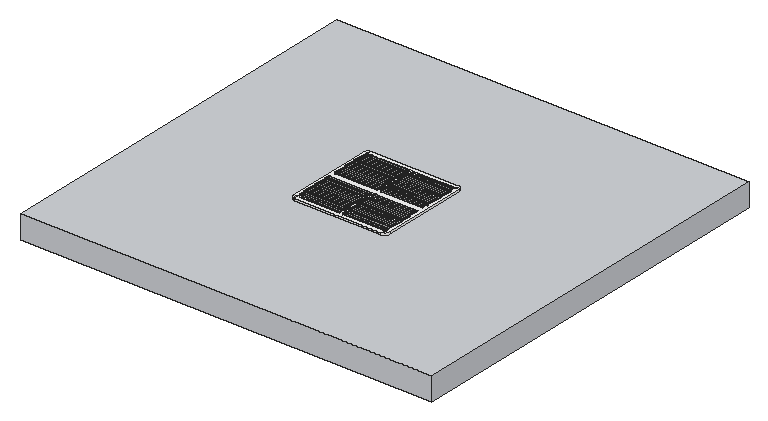
Revit family "111110010403001", category Modelos genéricos, Revit 2018
Family settings
  Anfitrión = Cara
  Puede alojar armadura = No
  Cota de conector redondo = Diámetro de uso
  Tipo de pieza = Normal
  Corte con vacíos al cargar = No
  Compartido = No
  Punto de cálculo de habitación = No
Parameters (values of type "CELOSIA CON PESTANA PP 30X30CM BLANCO")
  Ventajas = ""
  Uso = "Se utiliza como sistema de ventilación en Puertas, Shaft, Muro y Tina"
  Url Ficha tecnica = "https://empresascnp.cl/wp-content/uploads//pdf/ficha-tecnica-celosia-con-pestana-pp-30x30cm-blanco.pdf"
  Unidad = "Cajas de 50 Unidades"
  URL = "https://www.empresascnp.cl/"
  Num SKUs = "111110010403001"
  Nombre SKU = "CELOSIA CON PESTANA PP 30X30CM BLANCO"
  Model = "CELOSIA CON PESTANA"
  Material = PP Blanco
  Largo = 300.00 mm
  Espesor = 1.00 mm
  Empresa = "CNP SPA."
  Elevación por defecto = 1000.00 mm
  Dureza = ""
  Dimension = 300.00 mm
  Description = ""
  Assembly Code = ""
  Contacto = "info@empresascnp.cl"
  Color = "Blanco"
  Aplicacion = ""
Reference planes
  plane 1: z = 0
  plane 2 "level above": z = 15
  plane 3 "level below": z = -50
  plane 4 "izq": x = -176.738
  plane 5: y = 105.02
  plane 6: y = -44.98
  plane 7: y = -34.98
  plane 8: y = -54.98
  plane 9: x = -26.738
  plane 10: x = -16.738
  plane 11: x = -36.738
  plane 12: y = -194.98
  plane 13 "2": x = 123.262
  plane 14: y = 92.939
  plane 15: x = -164.656
Forms (mm)
  Extrusion 1, solid
    sketch origin (0, 0, 0) x (1, 0, 0) y (0, 1, 0)
      loop
        line (-644.525, 571.5) -> (-644.525, -666.75) -> (644.525, -666.75) -> (644.525, 571.5) -> (-644.525, 571.5)
    from 0 to -72.672
  Revolve 2, void, not visible
    sketch origin (-150.829, 0, 5) x (-1, 0, 0) y (0, 1, 0)
      loop
        line (-149.164, 92.939) -> (-149.164, 94.562) -> (-184.164, 94.562) -> (-184.164, 77.939) -> (-164.164, 77.939)
        arc (-164.164, 77.939) -> (-159.771, 88.545) -> (-149.164, 92.939) r 15
      axis (-149.164, 94.562) -> (-149.164, 77.939)
    angle from 0 to -90
  Extrusion 3, solid, not visible
    sketch origin (-176.738, 0, 5) x (0, 1, 0) y (0, 0, 1)
      loop
        line (77.939, 15) -> (77.939, 0) -> (92.939, 0)
        arc (92.939, 0) -> (88.545, 10.607) -> (77.939, 15) r 15
    from 12.574 to 190.074
  Revolve 4, void, not visible
    sketch origin (0, 0, 5) x (1, 0, 0) y (0, 1, 0)
      loop
        line (-149.164, 92.939) -> (-149.164, 94.493) -> (-184.164, 94.493) -> (-184.164, 77.939) -> (-164.164, 77.939)
        arc (-164.164, 77.939) -> (-159.771, 88.545) -> (-149.164, 92.939) r 15
      axis (-149.164, 94.493) -> (-149.164, 77.939)
    angle from 0 to -90
  Extrusion 5, solid, material "PP Blanco" <- "Material"
    sketch origin (0, 52.319, 67.456) x (1, 0, 0) y (0, 0.48481, -0.87462)
      loop
        line (-158.215, 77.313) -> (-162.46, 67.313) -> (-31.738, 67.313) -> (-31.738, 77.313) -> (-158.215, 77.313)
    from 0 to 1
  Extrusion 6, solid, material "PP Blanco" <- "Material"
    sketch origin (0, -214.971, 67.456) x (1, 0, 0) y (0, 0.48481, -0.87462)
      loop
        line (-162.839, 77.313) -> (-155.574, 67.313) -> (-31.738, 67.313) -> (-31.738, 77.313) -> (-162.839, 77.313)
    from 0 to 1
  Extrusion 7, solid, material "PP Blanco" <- "Material"
    sketch origin (0, 44.253, 67.456) x (1, 0, 0) y (0, 0.48481, -0.87462)
      loop
        line (-164.656, 77.313) -> (-164.656, 67.313) -> (-31.738, 67.313) -> (-31.738, 77.313) -> (-164.656, 77.313)
    from 0 to 1
  Extrusion 8, solid, material "PP Blanco" <- "Material"
    sketch origin (0, -206.905, 67.456) x (1, 0, 0) y (0, 0.48481, -0.87462)
      loop
        line (-164.656, 77.313) -> (-163.073, 67.313) -> (-31.738, 67.313) -> (-31.738, 77.313) -> (-164.656, 77.313)
    from 0 to 1
  Extrusion 9, solid, material "PP Blanco" <- "Material"
    sketch origin (248.223, 193.933, -15) x (1, 0, 0) y (0, 1, 0)
      loop
        arc (-409.962, -88.913) -> (-420.568, -93.306) -> (-424.962, -103.913) r 15
        line (-424.962, -103.913) -> (-424.962, -373.913)
        arc (-424.962, -373.913) -> (-420.568, -384.519) -> (-409.962, -388.913) r 15
        line (-409.962, -388.913) -> (-139.962, -388.913)
        arc (-139.962, -388.913) -> (-129.355, -384.519) -> (-124.962, -373.913) r 15
        line (-124.962, -373.913) -> (-124.962, -103.913)
        arc (-124.962, -103.913) -> (-129.355, -93.306) -> (-139.962, -88.913) r 15
        line (-139.962, -88.913) -> (-409.962, -88.913)
      loop
        circle (-414.13, -99.745) r 3
      loop
        circle (-135.793, -99.745) r 3
      loop
        circle (-414.13, -378.081) r 3
      loop
        circle (-135.793, -378.081) r 3
      loop
        arc (-397.254, -100.995) -> (-408.303, -105.571) -> (-412.88, -116.62) r 15.625
        line (-412.88, -116.62) -> (-412.88, -228.913) -> (-279.962, -228.913) -> (-279.962, -100.995) -> (-397.254, -100.995)
      loop
        arc (-137.043, -116.62) -> (-141.62, -105.571) -> (-152.669, -100.995) r 15.625
        line (-152.669, -100.995) -> (-269.962, -100.995) -> (-269.962, -228.913) -> (-137.043, -228.913) -> (-137.043, -116.62)
      loop
        arc (-152.669, -376.831) -> (-141.62, -372.254) -> (-137.043, -361.206) r 15.625
        line (-137.043, -361.206) -> (-137.043, -248.913) -> (-269.962, -248.913) -> (-269.962, -376.831) -> (-152.669, -376.831)
      loop
        arc (-412.88, -361.206) -> (-408.303, -372.254) -> (-397.254, -376.831) r 15.625
        line (-397.254, -376.831) -> (-279.962, -376.831) -> (-279.962, -248.913) -> (-412.88, -248.913) -> (-412.88, -361.206)
    from 15 to 20
  Extrusion 10, solid, material "PP Blanco" <- "Material"
    sketch origin (0, -68.488, 67.456) x (1, 0, 0) y (0, 0.48481, -0.87462)
      loop
        line (-164.656, 77.313) -> (-164.656, 67.313) -> (-31.738, 67.313) -> (-31.738, 77.313) -> (-164.656, 77.313)
    from 0 to 1
  Extrusion 11, solid, material "PP Blanco" <- "Material"
    sketch origin (0, 36.737, 67.456) x (1, 0, 0) y (0, 0.48481, -0.87462)
      loop
        line (-164.656, 77.313) -> (-164.656, 67.313) -> (-31.738, 67.313) -> (-31.738, 77.313) -> (-164.656, 77.313)
    from 0 to 1
  Extrusion 12, solid, material "PP Blanco" <- "Material"
    sketch origin (0, 29.221, 67.456) x (1, 0, 0) y (0, 0.48481, -0.87462)
      loop
        line (-164.656, 77.313) -> (-164.656, 67.313) -> (-31.738, 67.313) -> (-31.738, 77.313) -> (-164.656, 77.313)
    from 0 to 1
  Extrusion 13, solid, material "PP Blanco" <- "Material"
    sketch origin (0, 21.705, 67.456) x (1, 0, 0) y (0, 0.48481, -0.87462)
      loop
        line (-164.656, 77.313) -> (-164.656, 67.313) -> (-31.738, 67.313) -> (-31.738, 77.313) -> (-164.656, 77.313)
    from 0 to 1
  Extrusion 14, solid, material "PP Blanco" <- "Material"
    sketch origin (0, 14.189, 67.456) x (1, 0, 0) y (0, 0.48481, -0.87462)
      loop
        line (-164.656, 77.313) -> (-164.656, 67.313) -> (-31.738, 67.313) -> (-31.738, 77.313) -> (-164.656, 77.313)
    from 0 to 1
  Extrusion 15, solid, material "PP Blanco" <- "Material"
    sketch origin (0, 6.673, 67.456) x (1, 0, 0) y (0, 0.48481, -0.87462)
      loop
        line (-164.656, 77.313) -> (-164.656, 67.313) -> (-31.738, 67.313) -> (-31.738, 77.313) -> (-164.656, 77.313)
    from 0 to 1
  Extrusion 16, solid, material "PP Blanco" <- "Material"
    sketch origin (0, -0.843, 67.456) x (1, 0, 0) y (0, 0.48481, -0.87462)
      loop
        line (-164.656, 77.313) -> (-164.656, 67.313) -> (-31.738, 67.313) -> (-31.738, 77.313) -> (-164.656, 77.313)
    from 0 to 1
  Extrusion 17, solid, material "PP Blanco" <- "Material"
    sketch origin (0, -8.36, 67.456) x (1, 0, 0) y (0, 0.48481, -0.87462)
      loop
        line (-164.656, 77.313) -> (-164.656, 67.313) -> (-31.738, 67.313) -> (-31.738, 77.313) -> (-164.656, 77.313)
    from 0 to 1
  Extrusion 18, solid, material "PP Blanco" <- "Material"
    sketch origin (0, -15.876, 67.456) x (1, 0, 0) y (0, 0.48481, -0.87462)
      loop
        line (-164.656, 77.313) -> (-164.656, 67.313) -> (-31.738, 67.313) -> (-31.738, 77.313) -> (-164.656, 77.313)
    from 0 to 1
  Extrusion 19, solid, material "PP Blanco" <- "Material"
    sketch origin (0, -23.392, 67.456) x (1, 0, 0) y (0, 0.48481, -0.87462)
      loop
        line (-164.656, 77.313) -> (-164.656, 67.313) -> (-31.738, 67.313) -> (-31.738, 77.313) -> (-164.656, 77.313)
    from 0 to 1
  Extrusion 20, solid, material "PP Blanco" <- "Material"
    sketch origin (0, -30.908, 67.456) x (1, 0, 0) y (0, 0.48481, -0.87462)
      loop
        line (-164.656, 77.313) -> (-164.656, 67.313) -> (-31.738, 67.313) -> (-31.738, 77.313) -> (-164.656, 77.313)
    from 0 to 1
  Extrusion 21, solid, material "PP Blanco" <- "Material"
    sketch origin (0, -38.424, 67.456) x (1, 0, 0) y (0, 0.48481, -0.87462)
      loop
        line (-164.656, 77.313) -> (-164.656, 67.313) -> (-31.738, 67.313) -> (-31.738, 77.313) -> (-164.656, 77.313)
    from 0 to 1
  Extrusion 22, solid, material "PP Blanco" <- "Material"
    sketch origin (0, -45.94, 67.456) x (1, 0, 0) y (0, 0.48481, -0.87462)
      loop
        line (-164.656, 77.313) -> (-164.656, 67.313) -> (-31.738, 67.313) -> (-31.738, 77.313) -> (-164.656, 77.313)
    from 0 to 1
  Extrusion 23, solid, material "PP Blanco" <- "Material"
    sketch origin (0, -53.456, 67.456) x (1, 0, 0) y (0, 0.48481, -0.87462)
      loop
        line (-164.656, 77.313) -> (-164.656, 67.313) -> (-31.738, 67.313) -> (-31.738, 77.313) -> (-164.656, 77.313)
    from 0 to 1
  Extrusion 24, solid, material "PP Blanco" <- "Material"
    sketch origin (0, -60.972, 67.456) x (1, 0, 0) y (0, 0.48481, -0.87462)
      loop
        line (-164.656, 77.313) -> (-164.656, 67.313) -> (-31.738, 67.313) -> (-31.738, 77.313) -> (-164.656, 77.313)
    from 0 to 1
  Extrusion 25, solid, material "PP Blanco" <- "Material"
    sketch origin (0, -93.336, 67.456) x (1, 0, 0) y (0, 0.48481, -0.87462)
      loop
        line (-164.656, 77.313) -> (-164.656, 67.313) -> (-31.738, 67.313) -> (-31.738, 77.313) -> (-164.656, 77.313)
    from 0 to 1
  Extrusion 26, solid, material "PP Blanco" <- "Material"
    sketch origin (0, -100.852, 67.456) x (1, 0, 0) y (0, 0.48481, -0.87462)
      loop
        line (-164.656, 77.313) -> (-164.656, 67.313) -> (-31.738, 67.313) -> (-31.738, 77.313) -> (-164.656, 77.313)
    from 0 to 1
  Extrusion 27, solid, material "PP Blanco" <- "Material"
    sketch origin (0, -108.369, 67.456) x (1, 0, 0) y (0, 0.48481, -0.87462)
      loop
        line (-164.656, 77.313) -> (-164.656, 67.313) -> (-31.738, 67.313) -> (-31.738, 77.313) -> (-164.656, 77.313)
    from 0 to 1
  Extrusion 28, solid, material "PP Blanco" <- "Material"
    sketch origin (0, -115.885, 67.456) x (1, 0, 0) y (0, 0.48481, -0.87462)
      loop
        line (-164.656, 77.313) -> (-164.656, 67.313) -> (-31.738, 67.313) -> (-31.738, 77.313) -> (-164.656, 77.313)
    from 0 to 1
  Extrusion 29, solid, material "PP Blanco" <- "Material"
    sketch origin (0, -123.401, 67.456) x (1, 0, 0) y (0, 0.48481, -0.87462)
      loop
        line (-164.656, 77.313) -> (-164.656, 67.313) -> (-31.738, 67.313) -> (-31.738, 77.313) -> (-164.656, 77.313)
    from 0 to 1
  Extrusion 30, solid, material "PP Blanco" <- "Material"
    sketch origin (0, -130.917, 67.456) x (1, 0, 0) y (0, 0.48481, -0.87462)
      loop
        line (-164.656, 77.313) -> (-164.656, 67.313) -> (-31.738, 67.313) -> (-31.738, 77.313) -> (-164.656, 77.313)
    from 0 to 1
  Extrusion 31, solid, material "PP Blanco" <- "Material"
    sketch origin (0, -138.433, 67.456) x (1, 0, 0) y (0, 0.48481, -0.87462)
      loop
        line (-164.656, 77.313) -> (-164.656, 67.313) -> (-31.738, 67.313) -> (-31.738, 77.313) -> (-164.656, 77.313)
    from 0 to 1
  Extrusion 32, solid, material "PP Blanco" <- "Material"
    sketch origin (0, -145.949, 67.456) x (1, 0, 0) y (0, 0.48481, -0.87462)
      loop
        line (-164.656, 77.313) -> (-164.656, 67.313) -> (-31.738, 67.313) -> (-31.738, 77.313) -> (-164.656, 77.313)
    from 0 to 1
  Extrusion 33, solid, material "PP Blanco" <- "Material"
    sketch origin (0, -153.465, 67.456) x (1, 0, 0) y (0, 0.48481, -0.87462)
      loop
        line (-164.656, 77.313) -> (-164.656, 67.313) -> (-31.738, 67.313) -> (-31.738, 77.313) -> (-164.656, 77.313)
    from 0 to 1
  Extrusion 34, solid, material "PP Blanco" <- "Material"
    sketch origin (0, -160.981, 67.456) x (1, 0, 0) y (0, 0.48481, -0.87462)
      loop
        line (-164.656, 77.313) -> (-164.656, 67.313) -> (-31.738, 67.313) -> (-31.738, 77.313) -> (-164.656, 77.313)
    from 0 to 1
  Extrusion 35, solid, material "PP Blanco" <- "Material"
    sketch origin (0, -168.497, 67.456) x (1, 0, 0) y (0, 0.48481, -0.87462)
      loop
        line (-164.656, 77.313) -> (-164.656, 67.313) -> (-31.738, 67.313) -> (-31.738, 77.313) -> (-164.656, 77.313)
    from 0 to 1
  Extrusion 36, solid, material "PP Blanco" <- "Material"
    sketch origin (0, -176.013, 67.456) x (1, 0, 0) y (0, 0.48481, -0.87462)
      loop
        line (-164.656, 77.313) -> (-164.656, 67.313) -> (-31.738, 67.313) -> (-31.738, 77.313) -> (-164.656, 77.313)
    from 0 to 1
  Extrusion 37, solid, material "PP Blanco" <- "Material"
    sketch origin (0, -183.529, 67.456) x (1, 0, 0) y (0, 0.48481, -0.87462)
      loop
        line (-164.656, 77.313) -> (-164.656, 67.313) -> (-31.738, 67.313) -> (-31.738, 77.313) -> (-164.656, 77.313)
    from 0 to 1
  Extrusion 38, solid, material "PP Blanco" <- "Material"
    sketch origin (0, -191.046, 67.456) x (1, 0, 0) y (0, 0.48481, -0.87462)
      loop
        line (-164.656, 77.313) -> (-164.656, 67.313) -> (-31.738, 67.313) -> (-31.738, 77.313) -> (-164.656, 77.313)
    from 0 to 1
  Extrusion 39, solid, material "PP Blanco" <- "Material"
    sketch origin (0, -198.562, 67.456) x (1, 0, 0) y (0, 0.48481, -0.87462)
      loop
        line (-164.656, 77.313) -> (-164.656, 67.313) -> (-31.738, 67.313) -> (-31.738, 77.313) -> (-164.656, 77.313)
    from 0 to 1
  Extrusion 40, solid, material "PP Blanco" <- "Material"
    sketch origin (-53.477, 52.319, 67.456) x (-1, 0, 0) y (0, -0.48481, 0.87462)
      loop
        line (-158.215, -77.313) -> (-31.738, -77.313) -> (-31.738, -67.313) -> (-162.46, -67.313) -> (-158.215, -77.313)
    from 0 to 1
  Extrusion 41, solid, material "PP Blanco" <- "Material"
    sketch origin (-53.477, -214.971, 67.456) x (-1, 0, 0) y (0, -0.48481, 0.87462)
      loop
        line (-162.839, -77.313) -> (-31.738, -77.313) -> (-31.738, -67.313) -> (-155.574, -67.313) -> (-162.839, -77.313)
    from 0 to 1
  Extrusion 42, solid, material "PP Blanco" <- "Material"
    sketch origin (-53.477, 44.253, 67.456) x (-1, 0, 0) y (0, -0.48481, 0.87462)
      loop
        line (-164.656, -77.313) -> (-31.738, -77.313) -> (-31.738, -67.313) -> (-164.656, -67.313) -> (-164.656, -77.313)
    from 0 to 1
  Extrusion 43, solid, material "PP Blanco" <- "Material"
    sketch origin (-53.477, -206.905, 67.456) x (-1, 0, 0) y (0, -0.48481, 0.87462)
      loop
        line (-164.656, -77.313) -> (-31.738, -77.313) -> (-31.738, -67.313) -> (-163.073, -67.313) -> (-164.656, -77.313)
    from 0 to 1
  Extrusion 44, solid, material "PP Blanco" <- "Material"
    sketch origin (-53.477, -68.488, 67.456) x (-1, 0, 0) y (0, -0.48481, 0.87462)
      loop
        line (-164.656, -77.313) -> (-31.738, -77.313) -> (-31.738, -67.313) -> (-164.656, -67.313) -> (-164.656, -77.313)
    from 0 to 1
  Extrusion 45, solid, material "PP Blanco" <- "Material"
    sketch origin (-53.477, 36.737, 67.456) x (-1, 0, 0) y (0, -0.48481, 0.87462)
      loop
        line (-164.656, -77.313) -> (-31.738, -77.313) -> (-31.738, -67.313) -> (-164.656, -67.313) -> (-164.656, -77.313)
    from 0 to 1
  Extrusion 46, solid, material "PP Blanco" <- "Material"
    sketch origin (-53.477, 29.221, 67.456) x (-1, 0, 0) y (0, -0.48481, 0.87462)
      loop
        line (-164.656, -77.313) -> (-31.738, -77.313) -> (-31.738, -67.313) -> (-164.656, -67.313) -> (-164.656, -77.313)
    from 0 to 1
  Extrusion 47, solid, material "PP Blanco" <- "Material"
    sketch origin (-53.477, 21.705, 67.456) x (-1, 0, 0) y (0, -0.48481, 0.87462)
      loop
        line (-164.656, -77.313) -> (-31.738, -77.313) -> (-31.738, -67.313) -> (-164.656, -67.313) -> (-164.656, -77.313)
    from 0 to 1
  Extrusion 48, solid, material "PP Blanco" <- "Material"
    sketch origin (-53.477, 14.189, 67.456) x (-1, 0, 0) y (0, -0.48481, 0.87462)
      loop
        line (-164.656, -77.313) -> (-31.738, -77.313) -> (-31.738, -67.313) -> (-164.656, -67.313) -> (-164.656, -77.313)
    from 0 to 1
  Extrusion 49, solid, material "PP Blanco" <- "Material"
    sketch origin (-53.477, 6.673, 67.456) x (-1, 0, 0) y (0, -0.48481, 0.87462)
      loop
        line (-164.656, -77.313) -> (-31.738, -77.313) -> (-31.738, -67.313) -> (-164.656, -67.313) -> (-164.656, -77.313)
    from 0 to 1
  Extrusion 50, solid, material "PP Blanco" <- "Material"
    sketch origin (-53.477, -0.843, 67.456) x (-1, 0, 0) y (0, -0.48481, 0.87462)
      loop
        line (-164.656, -77.313) -> (-31.738, -77.313) -> (-31.738, -67.313) -> (-164.656, -67.313) -> (-164.656, -77.313)
    from 0 to 1
  Extrusion 51, solid, material "PP Blanco" <- "Material"
    sketch origin (-53.477, -8.36, 67.456) x (-1, 0, 0) y (0, -0.48481, 0.87462)
      loop
        line (-164.656, -77.313) -> (-31.738, -77.313) -> (-31.738, -67.313) -> (-164.656, -67.313) -> (-164.656, -77.313)
    from 0 to 1
  Extrusion 52, solid, material "PP Blanco" <- "Material"
    sketch origin (-53.477, -15.876, 67.456) x (-1, 0, 0) y (0, -0.48481, 0.87462)
      loop
        line (-164.656, -77.313) -> (-31.738, -77.313) -> (-31.738, -67.313) -> (-164.656, -67.313) -> (-164.656, -77.313)
    from 0 to 1
  Extrusion 53, solid, material "PP Blanco" <- "Material"
    sketch origin (-53.477, -23.392, 67.456) x (-1, 0, 0) y (0, -0.48481, 0.87462)
      loop
        line (-164.656, -77.313) -> (-31.738, -77.313) -> (-31.738, -67.313) -> (-164.656, -67.313) -> (-164.656, -77.313)
    from 0 to 1
  Extrusion 54, solid, material "PP Blanco" <- "Material"
    sketch origin (-53.477, -30.908, 67.456) x (-1, 0, 0) y (0, -0.48481, 0.87462)
      loop
        line (-164.656, -77.313) -> (-31.738, -77.313) -> (-31.738, -67.313) -> (-164.656, -67.313) -> (-164.656, -77.313)
    from 0 to 1
  Extrusion 55, solid, material "PP Blanco" <- "Material"
    sketch origin (-53.477, -38.424, 67.456) x (-1, 0, 0) y (0, -0.48481, 0.87462)
      loop
        line (-164.656, -77.313) -> (-31.738, -77.313) -> (-31.738, -67.313) -> (-164.656, -67.313) -> (-164.656, -77.313)
    from 0 to 1
  Extrusion 56, solid, material "PP Blanco" <- "Material"
    sketch origin (-53.477, -45.94, 67.456) x (-1, 0, 0) y (0, -0.48481, 0.87462)
      loop
        line (-164.656, -77.313) -> (-31.738, -77.313) -> (-31.738, -67.313) -> (-164.656, -67.313) -> (-164.656, -77.313)
    from 0 to 1
  Extrusion 57, solid, material "PP Blanco" <- "Material"
    sketch origin (-53.477, -53.456, 67.456) x (-1, 0, 0) y (0, -0.48481, 0.87462)
      loop
        line (-164.656, -77.313) -> (-31.738, -77.313) -> (-31.738, -67.313) -> (-164.656, -67.313) -> (-164.656, -77.313)
    from 0 to 1
  Extrusion 58, solid, material "PP Blanco" <- "Material"
    sketch origin (-53.477, -60.972, 67.456) x (-1, 0, 0) y (0, -0.48481, 0.87462)
      loop
        line (-164.656, -77.313) -> (-31.738, -77.313) -> (-31.738, -67.313) -> (-164.656, -67.313) -> (-164.656, -77.313)
    from 0 to 1
  Extrusion 59, solid, material "PP Blanco" <- "Material"
    sketch origin (-53.477, -93.336, 67.456) x (-1, 0, 0) y (0, -0.48481, 0.87462)
      loop
        line (-164.656, -77.313) -> (-31.738, -77.313) -> (-31.738, -67.313) -> (-164.656, -67.313) -> (-164.656, -77.313)
    from 0 to 1
  Extrusion 60, solid, material "PP Blanco" <- "Material"
    sketch origin (-53.477, -100.852, 67.456) x (-1, 0, 0) y (0, -0.48481, 0.87462)
      loop
        line (-164.656, -77.313) -> (-31.738, -77.313) -> (-31.738, -67.313) -> (-164.656, -67.313) -> (-164.656, -77.313)
    from 0 to 1
  Extrusion 61, solid, material "PP Blanco" <- "Material"
    sketch origin (-53.477, -108.369, 67.456) x (-1, 0, 0) y (0, -0.48481, 0.87462)
      loop
        line (-164.656, -77.313) -> (-31.738, -77.313) -> (-31.738, -67.313) -> (-164.656, -67.313) -> (-164.656, -77.313)
    from 0 to 1
  Extrusion 62, solid, material "PP Blanco" <- "Material"
    sketch origin (-53.477, -115.885, 67.456) x (-1, 0, 0) y (0, -0.48481, 0.87462)
      loop
        line (-164.656, -77.313) -> (-31.738, -77.313) -> (-31.738, -67.313) -> (-164.656, -67.313) -> (-164.656, -77.313)
    from 0 to 1
  Extrusion 63, solid, material "PP Blanco" <- "Material"
    sketch origin (-53.477, -123.401, 67.456) x (-1, 0, 0) y (0, -0.48481, 0.87462)
      loop
        line (-164.656, -77.313) -> (-31.738, -77.313) -> (-31.738, -67.313) -> (-164.656, -67.313) -> (-164.656, -77.313)
    from 0 to 1
  Extrusion 64, solid, material "PP Blanco" <- "Material"
    sketch origin (-53.477, -130.917, 67.456) x (-1, 0, 0) y (0, -0.48481, 0.87462)
      loop
        line (-164.656, -77.313) -> (-31.738, -77.313) -> (-31.738, -67.313) -> (-164.656, -67.313) -> (-164.656, -77.313)
    from 0 to 1
  Extrusion 65, solid, material "PP Blanco" <- "Material"
    sketch origin (-53.477, -138.433, 67.456) x (-1, 0, 0) y (0, -0.48481, 0.87462)
      loop
        line (-164.656, -77.313) -> (-31.738, -77.313) -> (-31.738, -67.313) -> (-164.656, -67.313) -> (-164.656, -77.313)
    from 0 to 1
  Extrusion 66, solid, material "PP Blanco" <- "Material"
    sketch origin (-53.477, -145.949, 67.456) x (-1, 0, 0) y (0, -0.48481, 0.87462)
      loop
        line (-164.656, -77.313) -> (-31.738, -77.313) -> (-31.738, -67.313) -> (-164.656, -67.313) -> (-164.656, -77.313)
    from 0 to 1
  Extrusion 67, solid, material "PP Blanco" <- "Material"
    sketch origin (-53.477, -153.465, 67.456) x (-1, 0, 0) y (0, -0.48481, 0.87462)
      loop
        line (-164.656, -77.313) -> (-31.738, -77.313) -> (-31.738, -67.313) -> (-164.656, -67.313) -> (-164.656, -77.313)
    from 0 to 1
  Extrusion 68, solid, material "PP Blanco" <- "Material"
    sketch origin (-53.477, -160.981, 67.456) x (-1, 0, 0) y (0, -0.48481, 0.87462)
      loop
        line (-164.656, -77.313) -> (-31.738, -77.313) -> (-31.738, -67.313) -> (-164.656, -67.313) -> (-164.656, -77.313)
    from 0 to 1
  Extrusion 69, solid, material "PP Blanco" <- "Material"
    sketch origin (-53.477, -168.497, 67.456) x (-1, 0, 0) y (0, -0.48481, 0.87462)
      loop
        line (-164.656, -77.313) -> (-31.738, -77.313) -> (-31.738, -67.313) -> (-164.656, -67.313) -> (-164.656, -77.313)
    from 0 to 1
  Extrusion 70, solid, material "PP Blanco" <- "Material"
    sketch origin (-53.477, -176.013, 67.456) x (-1, 0, 0) y (0, -0.48481, 0.87462)
      loop
        line (-164.656, -77.313) -> (-31.738, -77.313) -> (-31.738, -67.313) -> (-164.656, -67.313) -> (-164.656, -77.313)
    from 0 to 1
  Extrusion 71, solid, material "PP Blanco" <- "Material"
    sketch origin (-53.477, -183.529, 67.456) x (-1, 0, 0) y (0, -0.48481, 0.87462)
      loop
        line (-164.656, -77.313) -> (-31.738, -77.313) -> (-31.738, -67.313) -> (-164.656, -67.313) -> (-164.656, -77.313)
    from 0 to 1
  Extrusion 72, solid, material "PP Blanco" <- "Material"
    sketch origin (-53.477, -191.046, 67.456) x (-1, 0, 0) y (0, -0.48481, 0.87462)
      loop
        line (-164.656, -77.313) -> (-31.738, -77.313) -> (-31.738, -67.313) -> (-164.656, -67.313) -> (-164.656, -77.313)
    from 0 to 1
  Extrusion 73, solid, material "PP Blanco" <- "Material"
    sketch origin (-53.477, -198.562, 67.456) x (-1, 0, 0) y (0, -0.48481, 0.87462)
      loop
        line (-164.656, -77.313) -> (-31.738, -77.313) -> (-31.738, -67.313) -> (-164.656, -67.313) -> (-164.656, -77.313)
    from 0 to 1
Lines and regions (mm)
  model lines, not visible
    curve 1: line (-164.164, 92.939, 0) -> (13.336, 92.939, 0)
    curve 2: line (13.336, 92.939, 0) -> (13.336, 77.939, 0)
    curve 3: line (13.336, 77.939, 0) -> (-164.164, 77.939, 0)
    curve 4: line (-164.164, 77.939, 0) -> (-164.164, 92.939, 0)
Dimensions and locks
  locked: plane 2 "level above" to level at 15
  locked: level to plane 3 "level below" at 50
  equal spacing: plane 12, plane 6, plane 5
  equal spacing: plane 7, plane 6, plane 8, locked at 10 each
  equal spacing: plane 4 "izq", plane 9, plane 13 "2"
  plane 11 to plane 9 to plane 10 = 10.00 mm locked, 10.00 mm locked
  aligned and locked: plane 1 to Extrusion 1
  aligned and locked: level to Extrusion 1
Automatic sketch dimensions
  Extrusion 1 sketch curve to Extrusion 1 sketch curve = 1289.05 mm
  Extrusion 1 sketch curve to Extrusion 1 sketch curve = 1238.25 mm
  plane 15 to Extrusion 5 sketch curve = 2.197 mm
  plane 15 to Extrusion 5 sketch curve = 6.441 mm
  plane 9 to Extrusion 5 sketch curve = 5.00 mm
  Extrusion 5 sketch curve to Extrusion 5 sketch curve = 10.00 mm
  plane 15 to Extrusion 6 sketch curve = 1.817 mm
  plane 15 to Extrusion 6 sketch curve = 9.083 mm
  plane 9 to Extrusion 6 sketch curve = 5.00 mm
  Extrusion 6 sketch curve to Extrusion 6 sketch curve = 10.00 mm
  Extrusion 7 sketch curve to plane 15 = 0.00 mm
  plane 9 to Extrusion 7 sketch curve = 5.00 mm
  Extrusion 7 sketch curve to Extrusion 7 sketch curve = 10.00 mm
  Extrusion 8 sketch curve to plane 15 = 0.00 mm
  plane 15 to Extrusion 8 sketch curve = 1.584 mm
  plane 9 to Extrusion 8 sketch curve = 5.00 mm
  Extrusion 8 sketch curve to Extrusion 8 sketch curve = 10.00 mm
  Extrusion 9 sketch curve to plane 4 "izq" = 0.00 mm
  plane 7 to Extrusion 9 sketch curve = 0.00 mm  (x2)
  Extrusion 9 sketch curve to plane 15 = 0.00 mm  (x2)
  Extrusion 9 sketch curve to plane 8 = 0.00 mm  (x2)
  plane 12 to Extrusion 9 sketch curve = 0.00 mm
  plane 5 to Extrusion 9 sketch curve = 0.00 mm
  plane 14 to Extrusion 9 sketch curve = 0.00 mm  (x2)
  Extrusion 9 sketch curve to plane 13 "2" = 0.00 mm
  Extrusion 9 sketch curve to plane 15 = 1.25 mm  (x2)
  plane 15 to Extrusion 9 sketch curve = 2.918 mm
  plane 14 to Extrusion 9 sketch curve = 2.918 mm
  Extrusion 9 sketch curve to Extrusion 9 sketch curve = 15.625 mm  (x2)
  plane 9 to Extrusion 9 sketch curve = 5.00 mm  (x2)
  Extrusion 9 sketch curve to plane 9 = 5.00 mm  (x2)
  Extrusion 9 sketch curve to plane 13 "2" = 27.707 mm  (x2)
  Extrusion 9 sketch curve to plane 13 "2" = 15.00 mm  (x2)
  Extrusion 9 sketch curve to plane 13 "2" = 12.082 mm  (x2)
  Extrusion 9 sketch curve to plane 14 = 1.25 mm  (x2)
  Extrusion 9 sketch curve to Extrusion 9 sketch curve = 4.168 mm  (x4)
  Extrusion 9 sketch curve to plane 12 = 12.082 mm
  Extrusion 9 sketch curve to Extrusion 9 sketch curve = 0.00 mm
  Extrusion 10 sketch curve to plane 15 = 0.00 mm
  plane 9 to Extrusion 10 sketch curve = 5.00 mm
  Extrusion 10 sketch curve to Extrusion 10 sketch curve = 10.00 mm
  Extrusion 11 sketch curve to plane 15 = 0.00 mm
  plane 9 to Extrusion 11 sketch curve = 5.00 mm
  Extrusion 11 sketch curve to Extrusion 11 sketch curve = 10.00 mm
  Extrusion 12 sketch curve to plane 15 = 0.00 mm
  plane 9 to Extrusion 12 sketch curve = 5.00 mm
  Extrusion 12 sketch curve to Extrusion 12 sketch curve = 10.00 mm
  Extrusion 13 sketch curve to plane 15 = 0.00 mm
  plane 9 to Extrusion 13 sketch curve = 5.00 mm
  Extrusion 13 sketch curve to Extrusion 13 sketch curve = 10.00 mm
  Extrusion 14 sketch curve to plane 15 = 0.00 mm
  plane 9 to Extrusion 14 sketch curve = 5.00 mm
  Extrusion 14 sketch curve to Extrusion 14 sketch curve = 10.00 mm
  Extrusion 15 sketch curve to plane 15 = 0.00 mm
  plane 9 to Extrusion 15 sketch curve = 5.00 mm
  Extrusion 15 sketch curve to Extrusion 15 sketch curve = 10.00 mm
  Extrusion 16 sketch curve to plane 15 = 0.00 mm
  plane 9 to Extrusion 16 sketch curve = 5.00 mm
  Extrusion 16 sketch curve to Extrusion 16 sketch curve = 10.00 mm
  Extrusion 17 sketch curve to plane 15 = 0.00 mm
  plane 9 to Extrusion 17 sketch curve = 5.00 mm
  Extrusion 17 sketch curve to Extrusion 17 sketch curve = 10.00 mm
  Extrusion 18 sketch curve to plane 15 = 0.00 mm
  plane 9 to Extrusion 18 sketch curve = 5.00 mm
  Extrusion 18 sketch curve to Extrusion 18 sketch curve = 10.00 mm
  Extrusion 19 sketch curve to plane 15 = 0.00 mm
  plane 9 to Extrusion 19 sketch curve = 5.00 mm
  Extrusion 19 sketch curve to Extrusion 19 sketch curve = 10.00 mm
  Extrusion 20 sketch curve to plane 15 = 0.00 mm
  plane 9 to Extrusion 20 sketch curve = 5.00 mm
  Extrusion 20 sketch curve to Extrusion 20 sketch curve = 10.00 mm
  Extrusion 21 sketch curve to plane 15 = 0.00 mm
  plane 9 to Extrusion 21 sketch curve = 5.00 mm
  Extrusion 21 sketch curve to Extrusion 21 sketch curve = 10.00 mm
  Extrusion 22 sketch curve to plane 15 = 0.00 mm
  plane 9 to Extrusion 22 sketch curve = 5.00 mm
  Extrusion 22 sketch curve to Extrusion 22 sketch curve = 10.00 mm
  Extrusion 23 sketch curve to plane 15 = 0.00 mm
  plane 9 to Extrusion 23 sketch curve = 5.00 mm
  Extrusion 23 sketch curve to Extrusion 23 sketch curve = 10.00 mm
  Extrusion 24 sketch curve to plane 15 = 0.00 mm
  plane 9 to Extrusion 24 sketch curve = 5.00 mm
  Extrusion 24 sketch curve to Extrusion 24 sketch curve = 10.00 mm
  Extrusion 25 sketch curve to plane 15 = 0.00 mm
  plane 9 to Extrusion 25 sketch curve = 5.00 mm
  Extrusion 25 sketch curve to Extrusion 25 sketch curve = 10.00 mm
  Extrusion 26 sketch curve to plane 15 = 0.00 mm
  plane 9 to Extrusion 26 sketch curve = 5.00 mm
  Extrusion 26 sketch curve to Extrusion 26 sketch curve = 10.00 mm
  Extrusion 27 sketch curve to plane 15 = 0.00 mm
  plane 9 to Extrusion 27 sketch curve = 5.00 mm
  Extrusion 27 sketch curve to Extrusion 27 sketch curve = 10.00 mm
  Extrusion 28 sketch curve to plane 15 = 0.00 mm
  plane 9 to Extrusion 28 sketch curve = 5.00 mm
  Extrusion 28 sketch curve to Extrusion 28 sketch curve = 10.00 mm
  Extrusion 29 sketch curve to plane 15 = 0.00 mm
  plane 9 to Extrusion 29 sketch curve = 5.00 mm
  Extrusion 29 sketch curve to Extrusion 29 sketch curve = 10.00 mm
  Extrusion 30 sketch curve to plane 15 = 0.00 mm
  plane 9 to Extrusion 30 sketch curve = 5.00 mm
  Extrusion 30 sketch curve to Extrusion 30 sketch curve = 10.00 mm
  Extrusion 31 sketch curve to plane 15 = 0.00 mm
  plane 9 to Extrusion 31 sketch curve = 5.00 mm
  Extrusion 31 sketch curve to Extrusion 31 sketch curve = 10.00 mm
  Extrusion 32 sketch curve to plane 15 = 0.00 mm
  plane 9 to Extrusion 32 sketch curve = 5.00 mm
  Extrusion 32 sketch curve to Extrusion 32 sketch curve = 10.00 mm
  Extrusion 33 sketch curve to plane 15 = 0.00 mm
  plane 9 to Extrusion 33 sketch curve = 5.00 mm
  Extrusion 33 sketch curve to Extrusion 33 sketch curve = 10.00 mm
  Extrusion 34 sketch curve to plane 15 = 0.00 mm
  plane 9 to Extrusion 34 sketch curve = 5.00 mm
  Extrusion 34 sketch curve to Extrusion 34 sketch curve = 10.00 mm
  Extrusion 35 sketch curve to plane 15 = 0.00 mm
  plane 9 to Extrusion 35 sketch curve = 5.00 mm
  Extrusion 35 sketch curve to Extrusion 35 sketch curve = 10.00 mm
  Extrusion 36 sketch curve to plane 15 = 0.00 mm
  plane 9 to Extrusion 36 sketch curve = 5.00 mm
  Extrusion 36 sketch curve to Extrusion 36 sketch curve = 10.00 mm
  Extrusion 37 sketch curve to plane 15 = 0.00 mm
  plane 9 to Extrusion 37 sketch curve = 5.00 mm
  Extrusion 37 sketch curve to Extrusion 37 sketch curve = 10.00 mm
  Extrusion 38 sketch curve to plane 15 = 0.00 mm
  plane 9 to Extrusion 38 sketch curve = 5.00 mm
  Extrusion 38 sketch curve to Extrusion 38 sketch curve = 10.00 mm
  Extrusion 39 sketch curve to plane 15 = 0.00 mm
  plane 9 to Extrusion 39 sketch curve = 5.00 mm
  Extrusion 39 sketch curve to Extrusion 39 sketch curve = 10.00 mm
  Extrusion 40 sketch curve to plane 13 "2" = 14.278 mm
  Extrusion 40 sketch curve to Extrusion 40 sketch curve = 4.245 mm
  Extrusion 40 sketch curve to plane 9 = 5.00 mm
  Extrusion 40 sketch curve to Extrusion 40 sketch curve = 10.00 mm
  Extrusion 41 sketch curve to plane 13 "2" = 13.899 mm
  Extrusion 41 sketch curve to Extrusion 41 sketch curve = 7.265 mm
  Extrusion 41 sketch curve to plane 9 = 5.00 mm
  Extrusion 41 sketch curve to Extrusion 41 sketch curve = 10.00 mm
  Extrusion 42 sketch curve to plane 13 "2" = 12.082 mm
  Extrusion 42 sketch curve to plane 9 = 5.00 mm
  Extrusion 42 sketch curve to Extrusion 42 sketch curve = 10.00 mm
  Extrusion 43 sketch curve to plane 13 "2" = 12.082 mm
  Extrusion 43 sketch curve to Extrusion 43 sketch curve = 1.584 mm
  Extrusion 43 sketch curve to plane 9 = 5.00 mm
  Extrusion 43 sketch curve to Extrusion 43 sketch curve = 10.00 mm
  Extrusion 44 sketch curve to plane 13 "2" = 12.082 mm
  Extrusion 44 sketch curve to plane 9 = 5.00 mm
  Extrusion 44 sketch curve to Extrusion 44 sketch curve = 10.00 mm
  Extrusion 45 sketch curve to plane 13 "2" = 12.082 mm
  Extrusion 45 sketch curve to plane 9 = 5.00 mm
  Extrusion 45 sketch curve to Extrusion 45 sketch curve = 10.00 mm
  Extrusion 46 sketch curve to plane 13 "2" = 12.082 mm
  Extrusion 46 sketch curve to plane 9 = 5.00 mm
  Extrusion 46 sketch curve to Extrusion 46 sketch curve = 10.00 mm
  Extrusion 47 sketch curve to plane 13 "2" = 12.082 mm
  Extrusion 47 sketch curve to plane 9 = 5.00 mm
  Extrusion 47 sketch curve to Extrusion 47 sketch curve = 10.00 mm
  Extrusion 48 sketch curve to plane 13 "2" = 12.082 mm
  Extrusion 48 sketch curve to plane 9 = 5.00 mm
  Extrusion 48 sketch curve to Extrusion 48 sketch curve = 10.00 mm
  Extrusion 49 sketch curve to plane 13 "2" = 12.082 mm
  Extrusion 49 sketch curve to plane 9 = 5.00 mm
  Extrusion 49 sketch curve to Extrusion 49 sketch curve = 10.00 mm
  Extrusion 50 sketch curve to plane 13 "2" = 12.082 mm
  Extrusion 50 sketch curve to plane 9 = 5.00 mm
  Extrusion 50 sketch curve to Extrusion 50 sketch curve = 10.00 mm
  Extrusion 51 sketch curve to plane 13 "2" = 12.082 mm
  Extrusion 51 sketch curve to plane 9 = 5.00 mm
  Extrusion 51 sketch curve to Extrusion 51 sketch curve = 10.00 mm
  Extrusion 52 sketch curve to plane 13 "2" = 12.082 mm
  Extrusion 52 sketch curve to plane 9 = 5.00 mm
  Extrusion 52 sketch curve to Extrusion 52 sketch curve = 10.00 mm
  Extrusion 53 sketch curve to plane 13 "2" = 12.082 mm
  Extrusion 53 sketch curve to plane 9 = 5.00 mm
  Extrusion 53 sketch curve to Extrusion 53 sketch curve = 10.00 mm
  Extrusion 54 sketch curve to plane 13 "2" = 12.082 mm
  Extrusion 54 sketch curve to plane 9 = 5.00 mm
  Extrusion 54 sketch curve to Extrusion 54 sketch curve = 10.00 mm
  Extrusion 55 sketch curve to plane 13 "2" = 12.082 mm
  Extrusion 55 sketch curve to plane 9 = 5.00 mm
  Extrusion 55 sketch curve to Extrusion 55 sketch curve = 10.00 mm
  Extrusion 56 sketch curve to plane 13 "2" = 12.082 mm
  Extrusion 56 sketch curve to plane 9 = 5.00 mm
  Extrusion 56 sketch curve to Extrusion 56 sketch curve = 10.00 mm
  Extrusion 57 sketch curve to plane 13 "2" = 12.082 mm
  Extrusion 57 sketch curve to plane 9 = 5.00 mm
  Extrusion 57 sketch curve to Extrusion 57 sketch curve = 10.00 mm
  Extrusion 58 sketch curve to plane 13 "2" = 12.082 mm
  Extrusion 58 sketch curve to plane 9 = 5.00 mm
  Extrusion 58 sketch curve to Extrusion 58 sketch curve = 10.00 mm
  Extrusion 59 sketch curve to plane 13 "2" = 12.082 mm
  Extrusion 59 sketch curve to plane 9 = 5.00 mm
  Extrusion 59 sketch curve to Extrusion 59 sketch curve = 10.00 mm
  Extrusion 60 sketch curve to plane 13 "2" = 12.082 mm
  Extrusion 60 sketch curve to plane 9 = 5.00 mm
  Extrusion 60 sketch curve to Extrusion 60 sketch curve = 10.00 mm
  Extrusion 61 sketch curve to plane 13 "2" = 12.082 mm
  Extrusion 61 sketch curve to plane 9 = 5.00 mm
  Extrusion 61 sketch curve to Extrusion 61 sketch curve = 10.00 mm
  Extrusion 62 sketch curve to plane 13 "2" = 12.082 mm
  Extrusion 62 sketch curve to plane 9 = 5.00 mm
  Extrusion 62 sketch curve to Extrusion 62 sketch curve = 10.00 mm
  Extrusion 63 sketch curve to plane 13 "2" = 12.082 mm
  Extrusion 63 sketch curve to plane 9 = 5.00 mm
  Extrusion 63 sketch curve to Extrusion 63 sketch curve = 10.00 mm
  Extrusion 64 sketch curve to plane 13 "2" = 12.082 mm
  Extrusion 64 sketch curve to plane 9 = 5.00 mm
  Extrusion 64 sketch curve to Extrusion 64 sketch curve = 10.00 mm
  Extrusion 65 sketch curve to plane 13 "2" = 12.082 mm
  Extrusion 65 sketch curve to plane 9 = 5.00 mm
  Extrusion 65 sketch curve to Extrusion 65 sketch curve = 10.00 mm
  Extrusion 66 sketch curve to plane 13 "2" = 12.082 mm
  Extrusion 66 sketch curve to plane 9 = 5.00 mm
  Extrusion 66 sketch curve to Extrusion 66 sketch curve = 10.00 mm
  Extrusion 67 sketch curve to plane 13 "2" = 12.082 mm
  Extrusion 67 sketch curve to plane 9 = 5.00 mm
  Extrusion 67 sketch curve to Extrusion 67 sketch curve = 10.00 mm
  Extrusion 68 sketch curve to plane 13 "2" = 12.082 mm
  Extrusion 68 sketch curve to plane 9 = 5.00 mm
  Extrusion 68 sketch curve to Extrusion 68 sketch curve = 10.00 mm
  Extrusion 69 sketch curve to plane 13 "2" = 12.082 mm
  Extrusion 69 sketch curve to plane 9 = 5.00 mm
  Extrusion 69 sketch curve to Extrusion 69 sketch curve = 10.00 mm
  Extrusion 70 sketch curve to plane 13 "2" = 12.082 mm
  Extrusion 70 sketch curve to plane 9 = 5.00 mm
  Extrusion 70 sketch curve to Extrusion 70 sketch curve = 10.00 mm
  Extrusion 71 sketch curve to plane 13 "2" = 12.082 mm
  Extrusion 71 sketch curve to plane 9 = 5.00 mm
  Extrusion 71 sketch curve to Extrusion 71 sketch curve = 10.00 mm
  Extrusion 72 sketch curve to plane 13 "2" = 12.082 mm
  Extrusion 72 sketch curve to plane 9 = 5.00 mm
  Extrusion 72 sketch curve to Extrusion 72 sketch curve = 10.00 mm
  Extrusion 73 sketch curve to plane 13 "2" = 12.082 mm
  Extrusion 73 sketch curve to plane 9 = 5.00 mm
  Extrusion 73 sketch curve to Extrusion 73 sketch curve = 10.00 mm
  radius of Extrusion 9 sketch curve = 3.00 mm  (x4)
